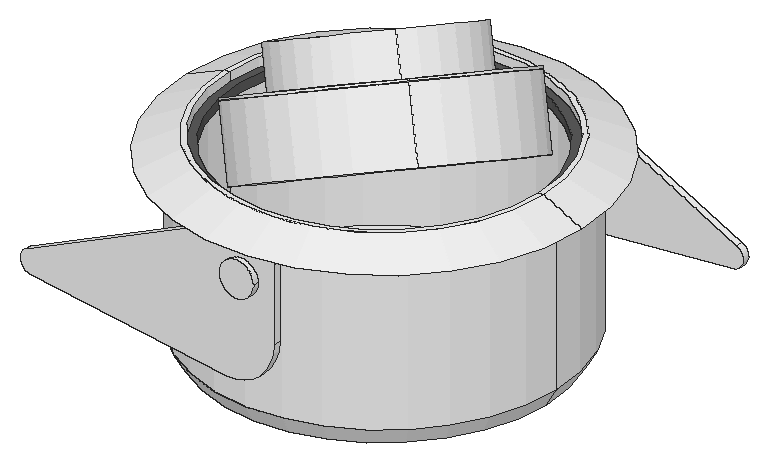
Revit family "Ciak 2.6", category Lighting Fixtures, host Face, Revit 2017
Family settings
  Host = Face
  Round Connector Dimension = Use Diameter
  Part Type = Normal
  Cut with Voids When Loaded = Yes
  Light Source = No
  Shared = No
  Room Calculation Point = Yes
Parameters (values of type "Ciak 2.6_J 65° (3000K 5W 24Vdc)")
  Wiring = "-"
  Width mm = 61 mm
  Weight kg = "0.15"
  Voltage = 24 V
  Vertical rotation adjusted [instance] = if(Vertical rotation > Vertical rotation max, Vertical rotation max, Vertical rotation)  # 30.00°
  Vertical rotation [instance] = 30.00°
  Vertical rotation max = 70.00°
  URL Technical sheet = "https://www.lucelight.it/media/prodotti/st/ST_CIAK_26.pdf"
  URL Image = "https://www.lucelight.it/media/prodotti/foto/ciak_2.6_still.jpg"
  URL IES Photometric file = "https://www.lucelight.it/media/prodotti/fotometrie/ciak_2.6_ies.zip"
  URL General code = "https://www.lucelight.it/en/prodotto.php/102908#a-generacodice"
  URL Description = "https://www.lucelight.it/en/capitolato.php/102908"
  URL DXF = "https://www.lucelight.it/media/prodotti/dxf/ciak_2.6.dxf"
  URL Catalogue = "https://www.lucelight.it/media/prodotti/brochure/ciak_brochure_en.pdf"
  URL Accessories and power supply units = "https://www.lucelight.it/en/prodotto.php/102908#a-scheda-accessori"
  URL = "https://www.lucelight.it/en/prodotto.php/102908"
  Trim = L&L_Black aluminium
  Radius void = 32.5 mm
  Power supply unit = "not included"
  Power supply = "24Vdc"
  Power cables = "includes 1.5 m PVC cable FROR 2x0.35/0.35 diam. 3.5 m"
  Power = "5W"
  Optics = "65°"
  Notes = "-"
  No. and type of led = "1 high-intensity power LED"
  Model = "Ciak 2.6"
  Manufacturer = "L&L Luce&Light"
  Light Source = Light Source_2.6 : J65°
  Geometry 2 = Ciak 2.6_mod : Ciak 2.6
  Mounting = "recessed (ceiling, shelf, shop window)"
  Material = "body and trim in aluminium"
  Lumen output at source = "452 lm (3000K)"
  Lens = L&L_Lens
  Length mm = 61 mm
  LED Colour = "3000K (also available: 2700K and 4000K - ref. URL Technical sheet)"
  L1 = 16.545 mm
  IP = "40"
  Horizontal rotation [instance] = 40.00°
  Horizontal rotation max = 350.00°
  Horizontal rotation adjusted [instance] = if(Horizontal rotation > Horizontal rotation max, Horizontal rotation max, Horizontal rotation)  # 40.00°
  Height void = 30 mm
  Height mm = 30 mm
  Geometry 1 = Ciak 2.0_Geometry 1 : Ciak 2.0_Geometry 1
  Features = "-"
  Energy efficiency class = "A A+ A++"
  Description = "indoor recessed"
  Delivered lumen output = "303 lm (3000K, 32°)"
  Default Elevation = 1219.2 mm
  Cutout dimensions = "diam. 65 mm"
  Control system = "-"
  Contact = "T: +39 0444 360571; E: lucelight@lucelight.it"
  Company = "L&L Luce&Light"
  Code = "CK26001 B White; CK26001 N Black"
  CRI = "90"
  Body = L&L_White aluminium
  Geometry 3 = Ciak 2.0_Geometry 3 : Ciak 2.0_Geometry 3
  Apparent Load Phase 1 = 5 W
Types (6, lengths in mm): name | Vertical rotation adjusted | Vertical rotation | Optics | Light Source | LED Colour
  Ciak 2.6_J 65° (3000K 5W 24Vdc) | 30.00° | 30.00° | "65°" | Light Source_2.6 : J65° | "3000K (also available: 2700K and 4000K - ref. URL Technical sheet)"
  Ciak 2.6_L 32° (3000K 5W 24Vdc) | 20.00° | 20.00° | "32°" | Light Source_2.6 : L32° | "3000K (also available: 2700K and 4000K - ref. URL Technical sheet)"
  Ciak 2.6_M 17° (3000K 5W 24Vdc) | 20.00° | 20.00° | "17°" | Light Source_2.6 : M17° | "3000K (also available: 2700K and 4000K - ref. URL Technical sheet)"
  Ciak 2.6_P 19° (3000K 5W 24Vdc) | 30.00° | 30.00° | "19°" | Light Source_2.6 : P19° | "3000K (also available: 2700K and 4000K - ref. URL Technical sheet)"
  Ciak 2.6_S 11° (3000K 5W 24Vdc) | 20.00° | 20.00° | "11°" | Light Source_2.6 : S11° | "3000K (also available: 2700K and 4000K - ref. URL Technical sheet)"
  Ciak 2.6_W 13°x43° (3000K 5W 24Vdc) | 30.00° | 30.00° | "13°x43°" | Light Source_2.6 : W13°x43° | "3000K (also available: 2700K and 4000K - ref. URL Technical sheet)"
Reference planes
  plane 1 "Center (Front/Back)": y = 0
  plane 2: z = 0
  plane 3 "Center (Left/Right)": x = 0
  plane 4: z = -30
Forms (mm)
  Extrusion 1, void
    sketch origin (0, 0, 0) x (-0.642788, -0.766044, 0) y (-0.766044, 0.642788, 0)
      loop
        circle (0, 0) r 32.5
    from 0 to 30
Lines and regions (mm)
  reference lines
    curve 1: line (0, 0, 0) -> (-12.674, 10.635, 0)
    curve 2: line (-12.674, 10.635, 0) -> (-12.674, 10.635, 1.5)
Dimensions and locks
  "L1": curve 1 to curve 1
  "Height void": plane 4 to plane 2
  "Radius void": radius of Extrusion 1 sketch curve
  "Horizontal rotation adjusted": angle curve 1 to plane 1 "Center (Front/Back)"
  aligned and locked: plane 2 to host face
  aligned and locked: level to host face
  aligned and locked: Extrusion 1 to plane 4
  aligned and locked: plane 2 to Extrusion 1
Automatic sketch dimensions
  host sketch curve to host sketch curve = 2438.4 mm  (x2)
  curve 2 to curve 1 = 0 mm  (x2)
  curve 1 to curve 2 = 1.5 mm
  plane 1 "Center (Front/Back)" to curve 1 = 0 mm
  curve 1 to plane 3 "Center (Left/Right)" = 0 mm
  Extrusion 1 sketch curve to curve 1 = 0 mm  (x2)
Nested families
  nested 1: "Ciak 2.0_Geometry 3" at (0, 0, 0) x (0.766, -0.6428, 0) z (0, 0, 1), type <- "Geometry 3", type "Ciak 2.0_Geometry 3"
  nested 2: "Ciak 2.0_Geometry 1" at (0, 0, 0), type <- "Geometry 1", type "Ciak 2.0_Geometry 1"
  nested 3: "Ciak 2.6_mod" at (-12.674, 10.635, 1.1) x (-0.766, 0.6428, 0) z (0, 0, 1), type <- "Geometry 2", Vertical rotation <- "Vertical rotation adjusted", type "Ciak 2.6"
    with Vertical rotation 30.00°
  nested 4: "Light Source_2.6" at (-0.914, 2.032, 9.609) x (0.6428, 0.766, 0) z (-0.383, 0.3214, 0.866), type <- "Light Source", type "J65°"
Connectors
  electrical at (0, 0, 0), driven by "Voltage", driven by "Apparent Load Phase 1"
    settings: on host face, index 1, voltage 24 V, apparent load 0 VA, apparent load phase1 5 VA, apparent load phase2 0 VA, apparent load phase3 0 VA, power factor 1, load classification "Lighting", number of poles 1, system type 31, power factor state 1, is connector primary yes, connector utility no, sub classification motor no, connector description ""
Definition of nested family "Ciak 2.0_Geometry 3"
  Parameters (values of type "Ciak 02_Black Steel_01")
    Trim = none
    Default Elevation = 1219.2 mm
  Reference planes
    plane 1 "Light Source Axis (F/B)": y = 0
    plane 2: z = 0
    plane 3 "Light Source Axis (L/R)": x = 0
    plane 4 "Light Source Elevation": z = 1500
  Forms (mm)
    Extrusion 1, solid, material <- "Trim", detail levels fine
      sketch origin (0, 0, 0) x (-1, 0, 0) y (0, -1, 0)
        loop
          line (16.545, -4.4) -> (16.545, 4.4) -> (23.027, 4.4)
          arc (23.027, 4.4) -> (24.62, 5.19) -> (24.954, 6.936) r 2
          arc (24.954, 6.936) -> (-25.9, 0) -> (24.954, -6.936) r 25.9
          arc (24.954, -6.936) -> (24.62, -5.19) -> (23.027, -4.4) r 2
          line (23.027, -4.4) -> (16.545, -4.4)
        loop
          circle (0, 0) r 27.5
      from 0 to 1.5
  Dimensions and locks
    aligned and locked: level to plane 2
Definition of nested family "Ciak 2.0_Geometry 1"
  Parameters (values of type "Ciak 2.0_Geometry 1")
    Body = none
  Reference planes
    plane 1 "Light Source Axis (F/B)": y = 0
    plane 2: z = 0
    plane 3 "Light Source Axis (L/R)": x = 0
    plane 4 "Light Source Elevation": z = 1500
  Forms (mm)
    Extrusion 1, solid, material <- "Body", detail levels fine
      sketch origin (-61.359, -31.473, 48.674) x (1, 0, 0) y (0, 0, 1)
        loop
          arc (67.182, -50.765) -> (66.597, -49.35) -> (65.182, -48.765) r 2
          line (65.182, -48.765) -> (57.399, -48.765)
          arc (57.399, -48.765) -> (55.235, -49.002) -> (53.173, -49.701) r 10
          line (53.173, -49.701) -> (23.337, -63.614)
          arc (23.337, -63.614) -> (22.2, -65.694) -> (23.847, -67.399) r 2
          arc (23.847, -67.399) -> (41.225, -69.867) -> (58.712, -71.378) r 320
          arc (58.712, -71.378) -> (64.671, -69.213) -> (67.182, -63.392) r 8
          line (67.182, -63.392) -> (67.182, -50.765)
      from -1.009 to 0
    Extrusion 2, solid, material <- "Body", detail levels fine
      sketch origin (-61.359, -31.473, 48.674) x (1, 0, 0) y (0, 0, 1)
        loop
          circle (61.182, -54.715) r 3
      from 0 to 1
    Extrusion 3, solid, material <- "Body", detail levels fine
      sketch origin (-61.359, 31.473, 48.674) x (1, 0, 0) y (0, 0, -1)
        loop
          circle (61.182, 54.715) r 3
      from 0 to 1
    Extrusion 4, solid, material <- "Body", detail levels fine
      sketch origin (61.359, 31.473, 48.674) x (-1, 0, 0) y (0, 0, 1)
        loop
          arc (67.182, -50.765) -> (66.597, -49.35) -> (65.182, -48.765) r 2
          line (65.182, -48.765) -> (57.399, -48.765)
          arc (57.399, -48.765) -> (55.235, -49.002) -> (53.173, -49.701) r 10
          line (53.173, -49.701) -> (23.337, -63.614)
          arc (23.337, -63.614) -> (22.2, -65.694) -> (23.847, -67.399) r 2
          arc (23.847, -67.399) -> (41.225, -69.867) -> (58.712, -71.378) r 320
          arc (58.712, -71.378) -> (64.671, -69.213) -> (67.182, -63.392) r 8
          line (67.182, -63.392) -> (67.182, -50.765)
      from -1.009 to 0
    Extrusion 5, solid, material <- "Body", detail levels coarse
      sketch origin (0, 0, 0) x (1, 0, 0) y (0, 1, 0)
        loop
          circle (0, 0) r 35
      from 0 to -30
    Extrusion 6, solid, material <- "Body", detail levels medium+fine
      sketch origin (0, 0, 0) x (1, 0, 0) y (0, 1, 0)
        loop
          circle (0, 0) r 30.5
        loop
          circle (0, 0) r 27.4
      from 0 to -27
    Blend 7, solid, material <- "Body", detail levels medium+fine
      base sketch origin (0, 0, -54) x (-1, 0, 0) y (0, -1, 0)
        loop
          circle (0, 0) r 30.5
      top sketch origin (0, 0, -54) x (-1, 0, 0) y (0, -1, 0)
        loop
          circle (0, 0) r 28.75
      from 27 to 24
    Revolve 8, solid, material <- "Body", detail levels medium+fine
      sketch origin (0, 0, 0) x (1, 0, 0) y (0, 0, 1)
        loop
          line (28.2, 2.997) -> (27.4, 2.997) -> (27.4, 0) -> (35, 0) -> (28.2, 2.997)
        axis (0, 2.997) -> (0, 0)
      angle from 0 to 360
  Dimensions and locks
    aligned and locked: level to plane 2
Definition of nested family "Ciak 2.6_mod"
  Parameters (values of type "Ciak 2.6")
    Vertical rotation [instance] = 20.00°
    Lens = none
    Default Elevation = 1219.2 mm
    Body = none
  Reference planes
    plane 1 "Light Source Axis (F/B)": y = 0
    plane 2: z = 0
    plane 3 "Light Source Axis (L/R)": x = 0
    plane 4 "Light Source Elevation": z = 0
    plane 5: z = 0
  Lines and regions (mm)
    reference lines
      curve 1: line (0, 0, -6.093) -> (0, 0, 0)
      curve 2: line (0, 0, 0) -> (-129.494, 0, 47.132)
  Dimensions and locks
    "Vertical rotation": angle curve 2 to plane 5
    aligned and locked: level to plane 2
  Automatic sketch dimensions
    curve 2 to level = 0 mm
    curve 2 to plane 3 "Light Source Axis (L/R)" = 0 mm
    curve 1 to level = 6.093 mm
  Nested families
    nested 1: "Ciak 02_Movable Geometry_01" at (-15.55, 0, 5.66) x (-0.9397, 0, 0.342) z (-0.342, 0, -0.9397), type "Ciak 02_Movable Geometry_01"
    nested 2: "Ciak 02_Extrusion Cover_01" at (-15.55, 0, 5.66) x (-0.9397, 0, 0.342) z (-0.342, 0, -0.9397), type "Ciak 02_Extrusion Cover_01"
  Definition of nested family "Ciak 02_Movable Geometry_01"
    Parameters (values of type "Ciak 02_Movable Geometry_01")
      Lens = none
      Default Elevation = 1219.2 mm
      Body = none
    Reference planes
      plane 1 "Light Source Axis (F/B)": y = 0
      plane 2: z = 0
      plane 3 "Light Source Axis (L/R)": x = 0
      plane 4 "Light Source Elevation": z = 1500
      plane 5: z = 12
    Forms (mm)
      Extrusion 1, solid, material <- "Body", detail levels fine
        sketch origin (0, 0, 0) x (-1, 0, 0) y (0, -1, 0)
          loop
            arc (-22.5, 0) -> (-2.261, -22.386) -> (22.045, -4.5) r 22.5
            line (22.045, -4.5) -> (16.545, -4.5) -> (16.545, 4.5) -> (22.045, 4.5)
            arc (22.045, 4.5) -> (-2.261, 22.386) -> (-22.5, 0) r 22.5
        from 0 to 12
      Extrusion 2, solid, material <- "Body", detail levels medium
        sketch origin (0, 0, 0) x (1, 0, 0) y (0, 1, 0)
          loop
            circle (0, 0) r 22.5
        from 0 to 12
      Extrusion 3, solid, material <- "Body", detail levels coarse
        sketch origin (0, 0, 0) x (1, 0, 0) y (0, 1, 0)
          loop
            circle (0, 0) r 22.5
        from 0 to 12
      Extrusion 4, solid, material <- "Lens", detail levels medium+fine
        sketch origin (0, 0, 0) x (1, 0, 0) y (0, 1, 0)
          loop
            circle (0, 0) r 11.75
        from -0.1 to 0.4
    Dimensions and locks
      level to plane 5 = 12 mm
      aligned and locked: level to plane 2
  Definition of nested family "Ciak 02_Extrusion Cover_01"
    Parameters (values of type "Ciak 02_Extrusion Cover_01")
      Default Elevation = 1219.2 mm
      Body = none
    Reference planes
      plane 1 "Light Source Axis (F/B)": y = 0
      plane 2: z = 0
      plane 3 "Light Source Axis (L/R)": x = 0
      plane 4 "Light Source Elevation": z = 1500
      plane 5: z = -7.4
    Forms (mm)
      Extrusion 1, solid, material <- "Body", detail levels fine
        sketch origin (0, 0, 0) x (1, 0, 0) y (0, 1, 0)
          loop
            circle (0, 0) r 15.8
          loop
            circle (0, 0) r 15.3
        from -0.4 to -7.4
      Extrusion 2, solid, material <- "Body", detail levels fine
        sketch origin (0, 0, 0) x (-1, 0, 0) y (0, -1, 0)
          loop
            arc (-22.5, 0) -> (-2.261, -22.386) -> (22.045, -4.5) r 22.5
            line (22.045, -4.5) -> (16.545, -4.5) -> (16.545, 4.5) -> (22.045, 4.5)
            arc (22.045, 4.5) -> (-2.261, 22.386) -> (-22.5, 0) r 22.5
          loop
            circle (0.318, 0) r 11.75
        from 0 to -0.4
    Dimensions and locks
      aligned and locked: level to plane 2
Definition of nested family "Light Source_2.6"
  Parameters (values of type "J65°")
    Wattage = 3.04291 W
    built-in parameter 1150110 = 1 (stored number, unit not read)
    built-in parameter 1114217 = 1 (stored number, unit not read)
    Tilt Angle = 0.00°
    built-in parameter 1150109 = 1 (stored number, unit not read)
    built-in parameter 1150134 = (empty or 0)
    built-in parameter 1150113 = 1 (stored number, unit not read)
    Photometric Web File = "CIAK 2.6 J 65° [3000K 5W 24Vdc].IES"
    Lumens = 452 lm
    built-in parameter 1150115 = 1 (stored number, unit not read)
    built-in parameter 1150105 = 35.969 (stored number, unit not read)
    built-in parameter 1150137 = (empty or 0)
    built-in parameter 1150139 = (empty or 0)
    built-in parameter 1150112 = 1 (stored number, unit not read)
    built-in parameter 1150114 = 1 (stored number, unit not read)
    built-in parameter 1150132 = 2
    built-in parameter 1150102 = (empty or 0)
    built-in parameter 1150138 = (empty or 0)
    built-in parameter 1150107 = 3000 (stored number, unit not read)
    built-in parameter 1150106 = 0.35969 (stored number, unit not read)
    built-in parameter 1150104 = 13.8 (stored number, unit not read)
    Dimming Lamp Color Temperature Shift = (empty or 0)
    Default Elevation = 1219.2 mm
    Color Filter = 16777215
    built-in parameter 1114218 = 1 (stored number, unit not read)
    built-in parameter 1150133 = 10 (stored number, unit not read)
  Types (6, lengths in mm): name | Photometric Web File
    J65° | "CIAK 2.6 J 65° [3000K 5W 24Vdc].IES"
    L32° | "CIAK 2.6 L 32° [3000K 5W 24Vdc].IES"
    M17° | "CIAK 2.6 M 17° [3000K 5W 24Vdc].IES"
    P19° | "CIAK 2.6 P (19°) [3000K 5W 24Vdc].IES"
    S11° | "CIAK 2.6 S 11° [3000K 5W 24Vdc].IES"
    W13°x43° | "CIAK 2.6 W 13°x43° [3000K 5W 24Vdc].IES"
  Reference planes
    plane 1 "Light Source Axis (F/B)": y = 0
    plane 2: z = 0
    plane 3 "Light Source Axis (L/R)": x = 0
    plane 4 "Light Source Elevation": z = 0
  Dimensions and locks
    aligned and locked: plane 1 "Light Source Axis (F/B)" to imposter light
    aligned and locked: level to plane 2
